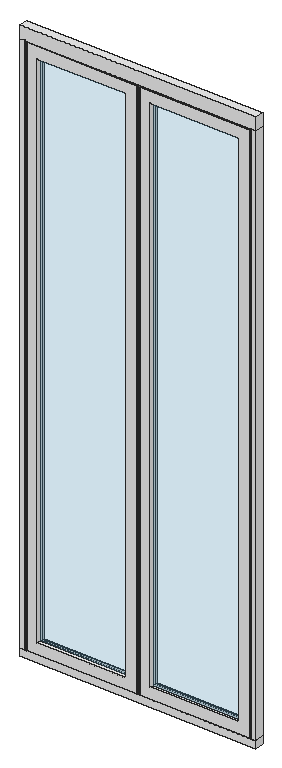
Revit family "98122", category Windows, host Wall, Revit 2018 (continued)
Definition of nested family "Header_SL-45"
  Definition of nested family "Header_Nana_Walls-S45"
    Lines and regions (in)
      model lines, in view "Ref. Level", visible <- "Half"
        curve 306: line (0.36221, -4.10236, 0) -> (0.36221, -4.11417, 0)
        curve 307: line (0.36221, -4.11417, 0) -> (0.34646, -4.11417, 0)
        curve 308: line (0.64961, -4.18898, 0) -> (0.64961, -4.05906, 0)
        curve 309: line (0.88583, -2.79528, 0) -> (0.88583, -4.17323, 0)
        curve 310: line (0.88583, -4.17323, 0) -> (0.83858, -4.17323, 0)
        curve 311: line (0.83858, -4.17323, 0) -> (0.83858, -4.18898, 0)
        curve 312: line (0.83858, -4.18898, 0) -> (0.68898, -4.18898, 0)
        curve 313: line (0.68898, -4.18898, 0) -> (0.68898, -4.10164, 0)
        curve 314: line (0.37469, -4.05034, 0) -> (0.33726, -4.09495, 0)
        curve 315: line (0.40158, -4.04331, 0) -> (0.38977, -4.04331, 0)
        curve 316: line (0.69128, -4.09607, 0) -> (0.70205, -4.0853, 0)
        curve 317: line (0.67649, -4.04792, 0) -> (0.70205, -4.07348, 0)
        curve 318: line (0.53937, -4.53543, 0) -> (0.53937, -4.90551, 0)
        curve 319: line (0.53937, -4.90551, 0) -> (0.83071, -4.90551, 0)
        curve 320: line (0.83071, -4.90551, 0) -> (0.83071, -4.23622, 0)
        curve 321: line (0.83071, -4.23622, 0) -> (0.69685, -4.23622, 0)
        curve 322: line (0.37402, -4.87402, 0) -> (0.37402, -4.96063, 0)
        curve 323: line (0.37402, -4.96063, 0) -> (0.88583, -4.96063, 0)
        curve 324: line (0.88583, -4.96063, 0) -> (0.88583, -4.17323, 0)
        curve 325: line (0.38583, -4.8622, 0) -> (0.41339, -4.8622, 0)
        curve 326: line (0.41339, -4.8622, 0) -> (0.41339, -4.90551, 0)
        curve 327: line (0.41339, -4.90551, 0) -> (0.49213, -4.90551, 0)
        curve 328: line (0.49213, -4.90551, 0) -> (0.49213, -4.53543, 0)
        curve 329: line (0.49213, -4.53543, 0) -> (0.41339, -4.53543, 0)
        curve 330: line (0.41339, -4.53543, 0) -> (0.41339, -4.58268, 0)
        curve 331: line (0.41339, -4.58268, 0) -> (0.38583, -4.58268, 0)
        curve 332: line (0.37402, -4.57087, 0) -> (0.37402, -4.25225, 0)
        curve 439: line (-0.30315, -3.23622, 0) -> (0.30315, -3.23622, 0)
        curve 440: line (-0.51181, -3.9685, 0) -> (-0.16535, -3.9685, 0)
        curve 441: line (-0.16535, -3.9685, 0) -> (-0.05329, -4.08057, 0)
        curve 442: line (-0.48031, -4.11417, 0) -> (-0.5315, -4.11417, 0)
        curve 443: line (-0.5315, -4.11417, 0) -> (-0.5315, -3.98819, 0)
        curve 444: line (-0.565, -4.1558, 0) -> (-0.58661, -3.9685, 0)
        curve 445: line (-0.58661, -3.9685, 0) -> (-0.8189, -3.9685, 0)
        curve 446: line (-0.8189, -3.9685, 0) -> (-0.8189, -4.49606, 0)
        curve 447: line (-0.8189, -4.49606, 0) -> (-0.74803, -4.49606, 0)
        curve 448: line (-0.38021, -2.79509, 0) -> (-0.39343, -2.84442, 0)
        curve 449: line (-0.68924, -2.84442, 0) -> (-0.70241, -2.79528, 0)
        curve 450: line (-0.14837, -3.90157, 0) -> (-0.80709, -3.90157, 0)
        curve 451: line (-0.80709, -3.90157, 0) -> (-0.80709, -3.23622, 0)
        curve 452: line (-0.80709, -3.23622, 0) -> (-0.68898, -3.23622, 0)
        curve 453: line (-0.68898, -3.23622, 0) -> (-0.68898, -3.20866, 0)
        curve 454: line (-0.33465, -2.98819, 0) -> (-0.79528, -2.98819, 0)
        curve 455: line (-0.72835, -3.16929, 0) -> (-0.81496, -3.16929, 0)
        curve 456: line (-0.81496, -3.16929, 0) -> (-0.81496, -3.05512, 0)
        curve 457: line (-0.81496, -3.05512, 0) -> (-0.32283, -3.05512, 0)
        curve 458: line (-0.32283, -3.05512, 0) -> (-0.32283, -3.21654, 0)
        curve 459: line (-0.81496, -2.9685, 0) -> (-0.81496, -2.85433, 0)
        curve 460: line (-0.81496, -2.85433, 0) -> (-0.69685, -2.85433, 0)
        curve 461: line (-0.38583, -2.85433, 0) -> (-0.31496, -2.85433, 0)
        curve 462: line (-0.31496, -2.85433, 0) -> (-0.31496, -2.9685, 0)
        curve 463: line (-0.25591, -2.81496, 0) -> (-0.25591, -3.14961, 0)
        curve 464: line (-0.88583, -2.79528, 0) -> (-0.88583, -4.96063, 0)
        curve 465: line (-0.88583, -4.96063, 0) -> (-0.70866, -4.96063, 0)
        curve 466: line (-0.70866, -4.96063, 0) -> (-0.70866, -4.8622, 0)
        curve 467: line (-0.70866, -4.8622, 0) -> (-0.74803, -4.8622, 0)
        curve 468: line (-0.74803, -4.8622, 0) -> (-0.74803, -4.90157, 0)
        curve 469: line (-0.74803, -4.90157, 0) -> (-0.82677, -4.90157, 0)
        curve 470: line (-0.82677, -4.90157, 0) -> (-0.82677, -4.54331, 0)
        curve 471: line (-0.82677, -4.54331, 0) -> (-0.74803, -4.54331, 0)
        curve 472: line (-0.74803, -4.54331, 0) -> (-0.74803, -4.58268, 0)
        curve 473: line (-0.74803, -4.58268, 0) -> (-0.70866, -4.58268, 0)
        curve 474: line (-0.70866, -4.58268, 0) -> (-0.70866, -4.53543, 0)
        curve 475: line (-0.54545, -4.17323, 0) -> (-0.48588, -4.17323, 0)
        curve 476: line (-0.48588, -4.17323, 0) -> (-0.47271, -4.12409, 0)
        curve 477: line (-0.06721, -4.11417, 0) -> (-0.1063, -4.11417, 0)
        curve 478: line (0.82677, -3.98819, 0) -> (0.82677, -4.11417, 0)
        curve 479: line (0.82677, -4.11417, 0) -> (0.69685, -4.11417, 0)
        curve 480: line (0.38583, -4.11417, 0) -> (0.32283, -4.11417, 0)
        curve 481: line (0.32283, -4.11417, 0) -> (0.32283, -3.98819, 0)
        curve 482: line (0.25197, -3.94094, 0) -> (0.25197, -4.10236, 0)
        curve 483: line (0.25197, -4.10236, 0) -> (0.06872, -4.10236, 0)
        curve 484: line (0.06872, -4.10236, 0) -> (-0.12053, -3.91311, 0)
        curve 485: line (0.68924, -2.84442, 0) -> (0.70241, -2.79528, 0)
        curve 486: line (0.38022, -2.79509, 0) -> (0.39343, -2.84442, 0)
        curve 487: line (0.68898, -3.20866, 0) -> (0.68898, -3.23622, 0)
        curve 488: line (0.68898, -3.23622, 0) -> (0.80709, -3.23622, 0)
        curve 489: line (0.80709, -3.23622, 0) -> (0.80709, -3.90157, 0)
        curve 490: line (0.80709, -3.90157, 0) -> (0.29134, -3.90157, 0)
        curve 491: line (0.34252, -3.9685, 0) -> (0.80709, -3.9685, 0)
        curve 492: line (0.33465, -2.98819, 0) -> (0.79528, -2.98819, 0)
        curve 493: line (0.72835, -3.16929, 0) -> (0.81496, -3.16929, 0)
        curve 494: line (0.81496, -3.16929, 0) -> (0.81496, -3.05512, 0)
        curve 495: line (0.81496, -3.05512, 0) -> (0.32283, -3.05512, 0)
        curve 496: line (0.32283, -3.05512, 0) -> (0.32283, -3.21654, 0)
        curve 497: line (0.25591, -2.81496, 0) -> (0.25591, -3.14961, 0)
        curve 498: line (0.23622, -3.16929, 0) -> (0.02046, -3.16929, 0)
        curve 499: line (0.02046, -3.16929, 0) -> (0, -3.1811, 0)
        curve 500: line (0, -3.1811, 0) -> (-0.02046, -3.16929, 0)
        curve 501: line (-0.02046, -3.16929, 0) -> (-0.23622, -3.16929, 0)
        curve 502: line (0.38583, -2.85433, 0) -> (0.31496, -2.85433, 0)
        curve 503: line (0.31496, -2.85433, 0) -> (0.31496, -2.9685, 0)
        curve 504: line (0.81496, -2.9685, 0) -> (0.81496, -2.85433, 0)
        curve 505: line (0.81496, -2.85433, 0) -> (0.69685, -2.85433, 0)
        curve 506: line (0.39343, -4.12409, 0) -> (0.38026, -4.17323, 0)
        curve 507: line (0.38026, -4.17323, 0) -> (0.03937, -4.17323, 0)
        curve 508: line (0.03937, -4.17323, 0) -> (0, -4.13386, 0)
        curve 509: line (0, -4.13386, 0) -> (-0.03937, -4.17323, 0)
        curve 510: line (-0.03937, -4.17323, 0) -> (-0.10074, -4.17323, 0)
        curve 511: line (-0.10074, -4.17323, 0) -> (-0.1139, -4.12409, 0)
        curve 512: line (0.68898, -4.12308, 0) -> (0.70241, -4.17323, 0)
Definition of nested family "Sill_SL-45"
  Parameters
    Width = 4' - 0"
    Sill = none
    Half = yes
    Assembly Code = ""
  Reference planes (in)
    plane 1 "Center (Front/Back)": y = 0
    plane 2: z = 0
    plane 3 "Center (Left/Right)": x = -7.30207
    plane 4 "Left": x = -31.30207
    plane 5 "Right": x = 16.69793
    plane 6 "Top": z = 0
  Forms (in)
    Sweep 1, solid, material <- "Sill"
      path origin (-67.09578, 180, 0) x (-1, 0, 0) y (0, -1, 0)
        loop
          line (-35.79371, 180) -> (-83.79371, 180)
      profile "Profile_Sill_SL-45 : Profile_Sill_SL-45" origin (-7.30207, 0, 0) x (0, 1, 0) y (0, 0, 1)
        loop
          line (0.88583, 0) -> (0.88583, 1.45669) -> (-0.88583, 1.45669) -> (-0.88583, 0) -> (0.88583, 0)
  Lines and regions (in)
    Masking region 1
      outline origin (0, 0, 0) x (1, 0, 0) y (0, 1, 0)
        loop
          line (-31.30207, 0.88583) -> (-31.30207, -0.88583) -> (16.69793, -0.88583) -> (16.69793, 0.88583) -> (-31.30207, 0.88583)
  Dimensions and locks (in)
    equal spacing: plane 4 "Left", plane 3 "Center (Left/Right)", plane 5 "Right"
    "Width": plane 4 "Left" to plane 5 "Right"
    aligned and locked: nested 1 to level
    aligned and locked: plane 1 "Center (Front/Back)" to nested 1
    aligned and locked: Masking region 1 sketch curve to plane 4 "Left"
    aligned and locked: Masking region 1 sketch curve to plane 5 "Right"
  Automatic sketch dimensions
    Sweep 1 sketch curve to plane 1 "Center (Front/Back)" = 0' - 0"
    Sweep 1 sketch curve to plane 5 "Right" = 0' - 0"
    Sweep 1 sketch curve to plane 4 "Left" = 0' - 0"
    Masking region 1 sketch curve to plane 1 "Center (Front/Back)" = 0' - 0.88583"
    plane 1 "Center (Front/Back)" to Masking region 1 sketch curve = 0' - 0.88583"
  Nested families (in)
    nested 1: "Sill-Nana_Walls-S45" at (-31.30207, 0, 0) x (0, -1, 0) z (-1, 0, 0), type "Sill-Nana_Walls-S45", detail levels fine
  Definition of nested family "Sill-Nana_Walls-S45"
    Parameters
      SmartBIM Object Version = 1  # constant formula
      SmartBIM Object Created By = "Reed Construction Data"  # constant formula
      Half = yes
      Assembly Code = ""
      95 CSI = ""
      04 CSI = ""
    Reference planes (in)
      plane 1 "Center (Front/Back)": y = 0
      plane 2: z = 0
      plane 3 "Center (Left/Right)": x = 0
    Lines and regions (in)
      model lines, in view "Ref. Level", visible <- "Half"
        curve 1: arc (0.00591, 1.62696, 0) -> (0, 1.68078, 0) -> (-0.00591, 1.62696, 0) r 0.02723
        curve 2: arc (0.00587, 1.6186, 0) -> (0.00001, 1.68898, 0) -> (-0.00589, 1.6186, 0) r 0.03543
        curve 3: circle (0, 1.65354, 0) r 0.05906 normal (0, 0, 1)
        curve 4: arc (-0.00588, 1.61461, 0) -> (-0.00002, 1.61417, 0) -> (0.00585, 1.61461, 0) r 0.03937
        curve 6: line (0.28543, 1.29921, 0) -> (0.28543, 0.66929, 0)
        curve 7: line (0.28543, 0.66929, 0) -> (-0.28543, 0.66929, 0)
        curve 8: line (-0.28543, 0.66929, 0) -> (-0.28543, 1.29921, 0)
        curve 9: line (-0.23622, 0.66929, 0) -> (-0.19685, 0.62992, 0)
        curve 10: line (-0.19685, 0.62992, 0) -> (0.19685, 0.62992, 0)
        curve 11: line (0.19685, 0.62992, 0) -> (0.23622, 0.66929, 0)
        curve 12: line (0.3937, 1.37795, 0) -> (-0.3937, 1.37795, 0)
        curve 13: line (-0.09382, 1.65354, 0) -> (0.08733, 1.65354, 0)
        curve 14: line (-0.0689, 1.75197, 0) -> (0.0689, 1.75197, 0)
        curve 15: line (0.3937, 1.29921, 0) -> (-0.3937, 1.29921, 0)
        curve 16: line (-0.3937, 1.29921, 0) -> (-0.3937, 1.45669, 0)
        curve 17: line (-0.3937, 1.45669, 0) -> (-0.25591, 1.45669, 0)
        curve 18: line (-0.25591, 1.45669, 0) -> (-0.25591, 1.81102, 0)
        curve 19: line (-0.25591, 1.81102, 0) -> (-0.0689, 1.81102, 0)
        curve 20: line (-0.0689, 1.81102, 0) -> (-0.0689, 1.49606, 0)
        curve 21: line (-0.0689, 1.49606, 0) -> (0.0689, 1.49606, 0)
        curve 22: line (0.0689, 1.49606, 0) -> (0.0689, 1.81102, 0)
        curve 23: line (0.0689, 1.81102, 0) -> (0.25591, 1.81102, 0)
        curve 24: line (-0.15748, 1.81102, 0) -> (-0.15748, 1.83071, 0)
        curve 25: line (-0.12795, 1.81102, 0) -> (-0.12795, 1.83071, 0)
        curve 26: line (0.25591, 1.81102, 0) -> (0.25591, 1.45669, 0)
        curve 27: line (0.25591, 1.45669, 0) -> (0.3937, 1.45669, 0)
        curve 28: line (0.3937, 1.45669, 0) -> (0.3937, 1.29921, 0)
        curve 29: line (0.00591, 1.62696, 0) -> (0.00575, 1.59474, 0)
        curve 30: line (0.00575, 1.59474, 0) -> (-0.00584, 1.59474, 0)
        curve 31: line (-0.00584, 1.59474, 0) -> (-0.00591, 1.62696, 0)
        curve 32: line (0.12795, 1.81102, 0) -> (0.12795, 1.83071, 0)
        curve 33: line (0.15748, 1.81102, 0) -> (0.15748, 1.83071, 0)
        curve 34: arc (0.23763, 3.12385, 0) -> (0.25246, 3.09338, 0) -> (0.28249, 3.1091, 0) r 0.02362
        curve 35: arc (0.30969, 3.32317, 0) -> (0.30337, 3.373, 0) -> (0.25925, 3.39701, 0) r 0.05512
        curve 36: arc (0.25925, 3.44424, 0) -> (0.23622, 3.42063, 0) -> (0.25925, 3.39701, 0) r 0.02362
        curve 37: arc (0.25925, 3.44424, 0) -> (0.33888, 3.50499, 0) -> (0.30609, 3.59963, 0) r 0.08543
        curve 38: arc (0.27781, 3.70189, 0) -> (0.23892, 3.68056, 0) -> (0.25133, 3.63797, 0) r 0.03543
        curve 39: arc (-0.65062, 3.47815, 0) -> (-0.6138, 3.47974, 0) -> (-0.5779, 3.48802, 0) r 0.20101
        curve 40: arc (-0.59882, 3.68846, 0) -> (-0.65385, 3.66895, 0) -> (-0.70207, 3.63603, 0) r 0.22677
        curve 41: arc (-0.65062, 3.47815, 0) -> (-0.66515, 3.47274, 0) -> (-0.67126, 3.45849, 0) r 0.01969
        curve 42: arc (-0.75655, 3.40748, 0) -> (-0.76545, 3.44384, 0) -> (-0.79013, 3.47198, 0) r 0.07874
        curve 43: arc (-0.70079, 3.2126, 0) -> (-0.67929, 3.22204, 0) -> (-0.67126, 3.24409, 0) r 0.02987
        curve 44: arc (-0.79013, 3.30361, 0) -> (-0.76545, 3.33175, 0) -> (-0.75655, 3.36811, 0) r 0.07874
        curve 45: arc (-0.79968, 3.29692, 0) -> (-0.808, 3.28251, 0) -> (-0.80231, 3.26688, 0) r 0.01969
        curve 46: arc (-0.80231, 3.50871, 0) -> (-0.808, 3.49308, 0) -> (-0.79968, 3.47867, 0) r 0.01969
        curve 47: arc (-0.70207, 3.63603, 0) -> (-0.70679, 3.62971, 0) -> (-0.70865, 3.62205, 0) r 0.01969
        curve 48: arc (-0.55118, 3.64997, 0) -> (-0.56581, 3.68059, 0) -> (-0.59882, 3.68846, 0) r 0.03937
        curve 49: arc (-0.5779, 3.48802, 0) -> (-0.55855, 3.50237, 0) -> (-0.55118, 3.5253, 0) r 0.03937
        curve 50: line (0.27781, 3.70189, 0) -> (0.42126, 3.6766, 0)
        curve 51: line (0.42126, 3.6766, 0) -> (0.45276, 3.62205, 0)
        curve 52: line (0.45276, 3.62205, 0) -> (0.37402, 3.62205, 0)
        curve 53: line (0.37402, 3.62205, 0) -> (0.37402, 3.52362, 0)
        curve 54: line (0.30609, 3.59963, 0) -> (0.25133, 3.63797, 0)
        curve 55: line (0.37402, 3.52362, 0) -> (0.40551, 3.52362, 0)
        curve 56: line (0.40551, 3.52362, 0) -> (0.28249, 3.1091, 0)
        curve 57: line (0.23763, 3.12385, 0) -> (0.30969, 3.32317, 0)
        curve 58: line (-0.80231, 3.26688, 0) -> (-0.74803, 3.2126, 0)
        curve 59: line (-0.74803, 3.2126, 0) -> (-0.74803, 3.24409, 0)
        curve 60: line (-0.74803, 3.24409, 0) -> (-0.70866, 3.24409, 0)
        curve 61: line (-0.70866, 3.24409, 0) -> (-0.70866, 3.2126, 0)
        curve 62: line (-0.70866, 3.2126, 0) -> (-0.70079, 3.2126, 0)
        curve 63: line (-0.79013, 3.30361, 0) -> (-0.79968, 3.29692, 0)
        curve 64: line (-0.75655, 3.40748, 0) -> (-0.75655, 3.36811, 0)
        curve 65: line (-0.67126, 3.24409, 0) -> (-0.67126, 3.45849, 0)
        curve 66: line (-0.70866, 3.62205, 0) -> (-0.70866, 3.52362, 0)
        curve 67: line (-0.70866, 3.52362, 0) -> (-0.74803, 3.52362, 0)
        curve 68: line (-0.74803, 3.52362, 0) -> (-0.74803, 3.56299, 0)
        curve 69: line (-0.74803, 3.56299, 0) -> (-0.80231, 3.50871, 0)
        curve 70: line (-0.79968, 3.47867, 0) -> (-0.79013, 3.47198, 0)
        curve 71: line (-0.55118, 3.64997, 0) -> (-0.55118, 3.5253, 0)
        curve 72: line (0.49013, 1.55118, 0) -> (0.47753, 1.13426, 0)
        curve 73: line (0.52163, 1.55118, 0) -> (0.50767, 1.08558, 0)
        curve 74: line (0.54131, 1.55118, 0) -> (0.54131, 1.07656, 0)
        curve 75: line (0.561, 1.55118, 0) -> (0.57578, 1.05918, 0)
        curve 76: line (0.59249, 1.55118, 0) -> (0.6074, 1.05071, 0)
        curve 77: line (0.624, 1.55118, 0) -> (0.63891, 1.05041, 0)
        curve 78: line (0.45862, 1.55118, 0) -> (0.44696, 1.16545, 0)
        curve 79: line (0.39368, 1.55118, 0) -> (0.42123, 1.55118, 0)
        curve 80: line (0.42123, 1.55118, 0) -> (0.68895, 1.55118, 0)
        curve 81: line (0.68895, 1.55118, 0) -> (0.68895, 1.60236, 0)
        curve 82: line (0.68895, 1.60236, 0) -> (0.39368, 1.60236, 0)
        curve 83: line (0.39368, 1.60236, 0) -> (0.39368, 1.55118, 0)
        curve 84: line (-0.49013, 1.55118, 0) -> (-0.47753, 1.13426, 0)
        curve 85: line (-0.52163, 1.55118, 0) -> (-0.50767, 1.08558, 0)
        curve 86: line (-0.54131, 1.55118, 0) -> (-0.54131, 1.07656, 0)
        curve 87: line (-0.561, 1.55118, 0) -> (-0.57578, 1.05918, 0)
        curve 88: line (-0.59249, 1.55118, 0) -> (-0.6074, 1.05071, 0)
        curve 89: line (-0.624, 1.55118, 0) -> (-0.63891, 1.05041, 0)
        curve 90: line (-0.45862, 1.55118, 0) -> (-0.44696, 1.16545, 0)
        curve 91: line (-0.39368, 1.55118, 0) -> (-0.42123, 1.55118, 0)
        curve 92: line (-0.42123, 1.55118, 0) -> (-0.68895, 1.55118, 0)
        curve 93: line (-0.68895, 1.55118, 0) -> (-0.68895, 1.60236, 0)
        curve 94: line (-0.68895, 1.60236, 0) -> (-0.39368, 1.60236, 0)
        curve 95: line (-0.39368, 1.60236, 0) -> (-0.39368, 1.55118, 0)
        curve 96: arc (0.37469, 2.71176, 0) -> (0.38145, 2.70657, 0) -> (0.38977, 2.70472, 0) r 0.01969
        curve 97: arc (0.34646, 2.77559, 0) -> (0.3358, 2.76888, 0) -> (0.33726, 2.75637, 0) r 0.01181
        curve 98: arc (0.40157, 2.70472, 0) -> (0.41549, 2.71049, 0) -> (0.42126, 2.72441, 0) r 0.01969
        curve 99: arc (0.64961, 2.72047, 0) -> (0.65933, 2.70592, 0) -> (0.67649, 2.70934, 0) r 0.01575
        curve 100: arc (0.70205, 2.7349, 0) -> (0.70472, 2.74081, 0) -> (0.70205, 2.74672, 0) r 0.00787
        curve 101: arc (0.36825, 2.89975, 0) -> (0.37252, 2.90613, 0) -> (0.37402, 2.91367, 0) r 0.01969
        curve 102: arc (0.36403, 2.89553, 0) -> (0.35977, 2.88914, 0) -> (0.35827, 2.88161, 0) r 0.01969
        curve 103: arc (0.38583, 3.24409, 0) -> (0.37748, 3.24064, 0) -> (0.37402, 3.23228, 0) r 0.01181
        curve 104: arc (0.49213, 3.14961, 0) -> (0.52553, 3.16344, 0) -> (0.53937, 3.19685, 0) r 0.04724
        curve 105: arc (0.69685, 2.89764, 0) -> (0.66344, 2.8838, 0) -> (0.64961, 2.85039, 0) r 0.04724
        curve 106: arc (0.37402, 3.53543, 0) -> (0.37748, 3.52708, 0) -> (0.38583, 3.52362, 0) r 0.01181
        curve 107: arc (0.71848, 1.51575, 0) -> (0.7324, 1.52151, 0) -> (0.73816, 1.53543, 0) r 0.01969
        curve 108: arc (0.6299, 1.48819, 0) -> (0.64143, 1.46035, 0) -> (0.66927, 1.44882, 0) r 0.03937
        curve 109: arc (0.66139, 1.55118, 0) -> (0.63912, 1.54196, 0) -> (0.6299, 1.51969, 0) r 0.0315
        curve 110: arc (0.73816, 1.61811, 0) -> (0.7324, 1.63203, 0) -> (0.71848, 1.6378, 0) r 0.01969
        curve 111: arc (0.34446, 1.53543, 0) -> (0.35023, 1.52151, 0) -> (0.36415, 1.51575, 0) r 0.01969
        curve 112: arc (0.41336, 1.44882, 0) -> (0.4412, 1.46035, 0) -> (0.45273, 1.48819, 0) r 0.03937
        curve 113: arc (0.45273, 1.51969, 0) -> (0.44351, 1.54196, 0) -> (0.42123, 1.55118, 0) r 0.0315
        curve 114: arc (0.36415, 1.6378, 0) -> (0.35023, 1.63203, 0) -> (0.34446, 1.61811, 0) r 0.01969
        curve 115: arc (-0.73816, 1.53543, 0) -> (-0.7324, 1.52151, 0) -> (-0.71848, 1.51575, 0) r 0.01969
        curve 116: arc (-0.66927, 1.44882, 0) -> (-0.64143, 1.46035, 0) -> (-0.6299, 1.48819, 0) r 0.03937
        curve 117: arc (-0.6299, 1.51969, 0) -> (-0.63912, 1.54196, 0) -> (-0.66139, 1.55118, 0) r 0.0315
        curve 118: arc (-0.71848, 1.6378, 0) -> (-0.7324, 1.63203, 0) -> (-0.73816, 1.61811, 0) r 0.01969
        curve 119: arc (-0.36415, 1.51575, 0) -> (-0.35023, 1.52151, 0) -> (-0.34446, 1.53543, 0) r 0.01969
        curve 120: arc (-0.45273, 1.48819, 0) -> (-0.4412, 1.46035, 0) -> (-0.41336, 1.44882, 0) r 0.03937
        curve 121: arc (-0.42123, 1.55118, 0) -> (-0.44351, 1.54196, 0) -> (-0.45273, 1.51969, 0) r 0.0315
        curve 122: arc (-0.34446, 1.61811, 0) -> (-0.35023, 1.63203, 0) -> (-0.36415, 1.6378, 0) r 0.01969
        curve 189: arc (-0.27559, 1.45669, 0) -> (-0.26167, 1.46246, 0) -> (-0.25591, 1.47638, 0) r 0.01969
        curve 190: arc (-0.70241, 1.45669, 0) -> (-0.79412, 1.4626, 0) -> (-0.88583, 1.45669, 0) r 0.71502
        curve 191: arc (-0.27777, 1.45669, 0) -> (-0.32902, 1.4626, 0) -> (-0.38026, 1.45669, 0) r 0.22532
        curve 192: arc (-0.79528, 1.64961, 0) -> (-0.8092, 1.64384, 0) -> (-0.81496, 1.62992, 0) r 0.01969
        curve 193: arc (-0.68924, 1.50584, 0) -> (-0.6906, 1.51267, 0) -> (-0.69685, 1.51575, 0) r 0.00787
        curve 194: arc (-0.72835, 1.83071, 0) -> (-0.70051, 1.84224, 0) -> (-0.68898, 1.87008, 0) r 0.03937
        curve 195: arc (-0.30315, 1.89764, 0) -> (-0.31707, 1.89187, 0) -> (-0.32283, 1.87795, 0) r 0.01969
        curve 196: arc (-0.31496, 1.62992, 0) -> (-0.32073, 1.64384, 0) -> (-0.33465, 1.64961, 0) r 0.01969
        curve 197: arc (-0.38583, 1.51575, 0) -> (-0.39207, 1.51267, 0) -> (-0.39343, 1.50584, 0) r 0.00787
        curve 198: arc (-0.23622, 1.83071, 0) -> (-0.25014, 1.82494, 0) -> (-0.25591, 1.81102, 0) r 0.01969
        curve 199: arc (-0.5315, 2.64961, 0) -> (-0.52573, 2.63569, 0) -> (-0.51181, 2.62992, 0) r 0.01969
        curve 200: arc (-0.14837, 2.56299, 0) -> (-0.1333, 2.56599, 0) -> (-0.12053, 2.57452, 0) r 0.03937
        curve 201: arc (-0.74803, 3.15748, 0) -> (-0.72019, 3.16901, 0) -> (-0.70866, 3.19685, 0) r 0.03937
        curve 202: arc (-0.48031, 2.77559, 0) -> (-0.47407, 2.77867, 0) -> (-0.47271, 2.7855, 0) r 0.00787
        curve 203: arc (-0.54545, 2.83465, 0) -> (-0.55855, 2.82966, 0) -> (-0.565, 2.81722, 0) r 0.01969
        curve 204: arc (-0.1139, 2.7855, 0) -> (-0.11255, 2.77867, 0) -> (-0.1063, 2.77559, 0) r 0.00787
        curve 205: arc (-0.05329, 2.74199, 0) -> (-0.04902, 2.76344, 0) -> (-0.06721, 2.77559, 0) r 0.01969
        curve 206: arc (0.25591, 1.47638, 0) -> (0.26167, 1.46246, 0) -> (0.27559, 1.45669, 0) r 0.01969
        curve 207: arc (0.38026, 1.45669, 0) -> (0.32902, 1.4626, 0) -> (0.27777, 1.45669, 0) r 0.22532
        curve 208: arc (0.88583, 1.45669, 0) -> (0.79412, 1.4626, 0) -> (0.70241, 1.45669, 0) r 0.71502
        curve 209: arc (0.25591, 1.81102, 0) -> (0.25014, 1.82494, 0) -> (0.23622, 1.83071, 0) r 0.01969
        curve 210: arc (0.39343, 1.50584, 0) -> (0.39207, 1.51267, 0) -> (0.38583, 1.51575, 0) r 0.00787
        curve 211: arc (0.33465, 1.64961, 0) -> (0.32073, 1.64384, 0) -> (0.31496, 1.62992, 0) r 0.01969
        curve 212: arc (0.32283, 1.87795, 0) -> (0.31707, 1.89187, 0) -> (0.30315, 1.89764, 0) r 0.01969
        curve 213: arc (0.25197, 2.60236, 0) -> (0.2635, 2.57452, 0) -> (0.29134, 2.56299, 0) r 0.03937
        curve 214: arc (0.32283, 2.64961, 0) -> (0.3286, 2.63569, 0) -> (0.34252, 2.62992, 0) r 0.01969
        curve 215: arc (0.69685, 1.51575, 0) -> (0.6906, 1.51267, 0) -> (0.68924, 1.50584, 0) r 0.00787
        curve 216: arc (0.81496, 1.62992, 0) -> (0.8092, 1.64384, 0) -> (0.79528, 1.64961, 0) r 0.01969
        curve 217: arc (0.68898, 1.87008, 0) -> (0.70051, 1.84224, 0) -> (0.72835, 1.83071, 0) r 0.03937
        curve 218: arc (0.80709, 2.62992, 0) -> (0.82101, 2.63569, 0) -> (0.82677, 2.64961, 0) r 0.01969
        curve 219: arc (0.38583, 2.77559, 0) -> (0.39207, 2.77867, 0) -> (0.39343, 2.7855, 0) r 0.00787
        curve 220: arc (0.70241, 2.83465, 0) -> (0.79412, 2.82874, 0) -> (0.88583, 2.83465, 0) r 0.71502
        curve 221: arc (0.68898, 2.78346, 0) -> (0.69128, 2.7779, 0) -> (0.69685, 2.77559, 0) r 0.00787
        curve 222: line (0.49213, 3.14961, 0) -> (0.42126, 3.14961, 0)
        curve 223: line (0.42126, 3.14961, 0) -> (0.42126, 2.72441, 0)
        curve 224: line (0.35827, 2.88161, 0) -> (0.35827, 2.85039, 0)
        curve 225: line (0.35827, 2.85039, 0) -> (0.38189, 2.85039, 0)
        curve 226: line (0.38189, 2.85039, 0) -> (0.38189, 2.76378, 0)
        curve 227: line (0.38189, 2.76378, 0) -> (0.3622, 2.76378, 0)
        curve 228: line (0.3622, 2.76378, 0) -> (0.3622, 2.77559, 0)
        curve 229: line (0.3622, 2.77559, 0) -> (0.34646, 2.77559, 0)
        curve 230: line (0.64961, 2.85039, 0) -> (0.64961, 2.72047, 0)
        curve 231: line (0.88583, 1.45669, 0) -> (0.88583, 2.83465, 0)
        curve 232: line (0.88583, 2.83465, 0) -> (0.83858, 2.83465, 0)
        curve 233: line (0.83858, 2.83465, 0) -> (0.83858, 2.85039, 0)
        curve 234: line (0.83858, 2.85039, 0) -> (0.68898, 2.85039, 0)
        curve 235: line (0.68898, 2.85039, 0) -> (0.68898, 2.76306, 0)
        curve 236: line (0.37469, 2.71176, 0) -> (0.33726, 2.75637, 0)
        curve 237: line (0.40157, 2.70472, 0) -> (0.38977, 2.70472, 0)
        curve 238: line (0.69128, 2.75749, 0) -> (0.70205, 2.74672, 0)
        curve 239: line (0.67649, 2.70934, 0) -> (0.70205, 2.7349, 0)
        curve 240: line (0.53937, 3.19685, 0) -> (0.53937, 3.56693, 0)
        curve 241: line (0.53937, 3.56693, 0) -> (0.83071, 3.56693, 0)
        curve 242: line (0.83071, 3.56693, 0) -> (0.83071, 2.89764, 0)
        curve 243: line (0.83071, 2.89764, 0) -> (0.69685, 2.89764, 0)
        curve 244: line (0.37402, 3.53543, 0) -> (0.37402, 3.62205, 0)
        curve 245: line (0.37402, 3.62205, 0) -> (0.88583, 3.62205, 0)
        curve 246: line (0.88583, 3.62205, 0) -> (0.88583, 2.83465, 0)
        curve 247: line (0.38583, 3.52362, 0) -> (0.41339, 3.52362, 0)
        curve 248: line (0.41339, 3.52362, 0) -> (0.41339, 3.56693, 0)
        curve 249: line (0.41339, 3.56693, 0) -> (0.49213, 3.56693, 0)
        curve 250: line (0.49213, 3.56693, 0) -> (0.49213, 3.19685, 0)
        curve 251: line (0.49213, 3.19685, 0) -> (0.41339, 3.19685, 0)
        curve 252: line (0.41339, 3.19685, 0) -> (0.41339, 3.24409, 0)
        curve 253: line (0.41339, 3.24409, 0) -> (0.38583, 3.24409, 0)
        curve 254: line (0.37402, 3.23228, 0) -> (0.37402, 2.91367, 0)
        curve 255: line (0.71848, 1.6378, 0) -> (0.36415, 1.6378, 0)
        curve 256: line (0.42123, 1.55118, 0) -> (0.39368, 1.55118, 0)
        curve 257: line (0.39368, 1.55118, 0) -> (0.39368, 1.60236, 0)
        curve 258: line (0.39368, 1.60236, 0) -> (0.68895, 1.60236, 0)
        curve 259: line (0.68895, 1.60236, 0) -> (0.68895, 1.55118, 0)
        curve 260: line (0.68895, 1.55118, 0) -> (0.66139, 1.55118, 0)
        curve 261: line (0.73816, 1.61811, 0) -> (0.73816, 1.53543, 0)
        curve 262: line (0.71848, 1.51575, 0) -> (0.67911, 1.51575, 0)
        curve 263: line (0.67911, 1.51575, 0) -> (0.69704, 1.44882, 0)
        curve 264: line (0.69704, 1.44882, 0) -> (0.66927, 1.44882, 0)
        curve 265: line (0.6299, 1.51969, 0) -> (0.6299, 1.48819, 0)
        curve 266: line (0.34446, 1.53543, 0) -> (0.34446, 1.61811, 0)
        curve 267: line (0.41336, 1.44882, 0) -> (0.38558, 1.44882, 0)
        curve 268: line (0.38558, 1.44882, 0) -> (0.40352, 1.51575, 0)
        curve 269: line (0.40352, 1.51575, 0) -> (0.36415, 1.51575, 0)
        curve 270: line (0.45273, 1.48819, 0) -> (0.45273, 1.51969, 0)
        curve 271: line (-0.71848, 1.6378, 0) -> (-0.36415, 1.6378, 0)
        curve 272: line (-0.42123, 1.55118, 0) -> (-0.39368, 1.55118, 0)
        curve 273: line (-0.39368, 1.55118, 0) -> (-0.39368, 1.60236, 0)
        curve 274: line (-0.39368, 1.60236, 0) -> (-0.68895, 1.60236, 0)
        curve 275: line (-0.68895, 1.60236, 0) -> (-0.68895, 1.55118, 0)
        curve 276: line (-0.68895, 1.55118, 0) -> (-0.66139, 1.55118, 0)
        curve 277: line (-0.73816, 1.61811, 0) -> (-0.73816, 1.53543, 0)
        curve 278: line (-0.71848, 1.51575, 0) -> (-0.67911, 1.51575, 0)
        curve 279: line (-0.67911, 1.51575, 0) -> (-0.69704, 1.44882, 0)
        curve 280: line (-0.69704, 1.44882, 0) -> (-0.66927, 1.44882, 0)
        curve 281: line (-0.6299, 1.51969, 0) -> (-0.6299, 1.48819, 0)
        curve 282: line (-0.34446, 1.53543, 0) -> (-0.34446, 1.61811, 0)
        curve 283: line (-0.41336, 1.44882, 0) -> (-0.38558, 1.44882, 0)
        curve 284: line (-0.38558, 1.44882, 0) -> (-0.40352, 1.51575, 0)
        curve 285: line (-0.40352, 1.51575, 0) -> (-0.36415, 1.51575, 0)
        curve 286: line (-0.45273, 1.48819, 0) -> (-0.45273, 1.51969, 0)
        curve 368: line (-0.30315, 1.89764, 0) -> (0.30315, 1.89764, 0)
        curve 369: line (-0.51181, 2.62992, 0) -> (-0.16535, 2.62992, 0)
        curve 370: line (-0.16535, 2.62992, 0) -> (-0.05329, 2.74199, 0)
        curve 371: line (-0.48031, 2.77559, 0) -> (-0.5315, 2.77559, 0)
        curve 372: line (-0.5315, 2.77559, 0) -> (-0.5315, 2.64961, 0)
        curve 373: line (-0.565, 2.81722, 0) -> (-0.58661, 2.62992, 0)
        curve 374: line (-0.58661, 2.62992, 0) -> (-0.8189, 2.62992, 0)
        curve 375: line (-0.8189, 2.62992, 0) -> (-0.8189, 3.15748, 0)
        curve 376: line (-0.8189, 3.15748, 0) -> (-0.74803, 3.15748, 0)
        curve 377: line (-0.38026, 1.45669, 0) -> (-0.39343, 1.50584, 0)
        curve 378: line (-0.68924, 1.50584, 0) -> (-0.70241, 1.45669, 0)
        curve 379: line (-0.14837, 2.56299, 0) -> (-0.80709, 2.56299, 0)
        curve 380: line (-0.80709, 2.56299, 0) -> (-0.80709, 1.89764, 0)
        curve 381: line (-0.80709, 1.89764, 0) -> (-0.68898, 1.89764, 0)
        curve 382: line (-0.68898, 1.89764, 0) -> (-0.68898, 1.87008, 0)
        curve 383: line (-0.33465, 1.64961, 0) -> (-0.79528, 1.64961, 0)
        curve 384: line (-0.72835, 1.83071, 0) -> (-0.81496, 1.83071, 0)
        curve 385: line (-0.81496, 1.83071, 0) -> (-0.81496, 1.71654, 0)
        curve 386: line (-0.81496, 1.71654, 0) -> (-0.32283, 1.71654, 0)
        curve 387: line (-0.32283, 1.71654, 0) -> (-0.32283, 1.87795, 0)
        curve 388: line (-0.81496, 1.62992, 0) -> (-0.81496, 1.51575, 0)
        curve 389: line (-0.81496, 1.51575, 0) -> (-0.69685, 1.51575, 0)
        curve 390: line (-0.38583, 1.51575, 0) -> (-0.31496, 1.51575, 0)
        curve 391: line (-0.31496, 1.51575, 0) -> (-0.31496, 1.62992, 0)
        curve 392: line (-0.25591, 1.47638, 0) -> (-0.25591, 1.81102, 0)
        curve 393: line (-0.88583, 1.45669, 0) -> (-0.88583, 3.62205, 0)
        curve 394: line (-0.88583, 3.62205, 0) -> (-0.70866, 3.62205, 0)
        curve 395: line (-0.70866, 3.62205, 0) -> (-0.70866, 3.52362, 0)
        curve 396: line (-0.70866, 3.52362, 0) -> (-0.74803, 3.52362, 0)
        curve 397: line (-0.74803, 3.52362, 0) -> (-0.74803, 3.56299, 0)
        curve 398: line (-0.74803, 3.56299, 0) -> (-0.82677, 3.56299, 0)
        curve 399: line (-0.82677, 3.56299, 0) -> (-0.82677, 3.20472, 0)
        curve 400: line (-0.82677, 3.20472, 0) -> (-0.74803, 3.20472, 0)
        curve 401: line (-0.74803, 3.20472, 0) -> (-0.74803, 3.24409, 0)
        curve 402: line (-0.74803, 3.24409, 0) -> (-0.70866, 3.24409, 0)
        curve 403: line (-0.70866, 3.24409, 0) -> (-0.70866, 3.19685, 0)
        curve 404: line (-0.54545, 2.83465, 0) -> (-0.48588, 2.83465, 0)
        curve 405: line (-0.48588, 2.83465, 0) -> (-0.47271, 2.7855, 0)
        curve 406: line (-0.06721, 2.77559, 0) -> (-0.1063, 2.77559, 0)
        curve 407: line (0.82677, 2.64961, 0) -> (0.82677, 2.77559, 0)
        curve 408: line (0.82677, 2.77559, 0) -> (0.69685, 2.77559, 0)
        curve 409: line (0.38583, 2.77559, 0) -> (0.32283, 2.77559, 0)
        curve 410: line (0.32283, 2.77559, 0) -> (0.32283, 2.64961, 0)
        curve 411: line (0.25197, 2.60236, 0) -> (0.25197, 2.76378, 0)
        curve 412: line (0.25197, 2.76378, 0) -> (0.06872, 2.76378, 0)
        curve 413: line (0.06872, 2.76378, 0) -> (-0.12053, 2.57452, 0)
        curve 414: line (0.68924, 1.50584, 0) -> (0.70241, 1.45669, 0)
        curve 415: line (0.38026, 1.45669, 0) -> (0.39343, 1.50584, 0)
        curve 416: line (0.68898, 1.87008, 0) -> (0.68898, 1.89764, 0)
        curve 417: line (0.68898, 1.89764, 0) -> (0.80709, 1.89764, 0)
        curve 418: line (0.80709, 1.89764, 0) -> (0.80709, 2.56299, 0)
        curve 419: line (0.80709, 2.56299, 0) -> (0.29134, 2.56299, 0)
        curve 420: line (0.34252, 2.62992, 0) -> (0.80709, 2.62992, 0)
        curve 421: line (0.33465, 1.64961, 0) -> (0.79528, 1.64961, 0)
        curve 422: line (0.72835, 1.83071, 0) -> (0.81496, 1.83071, 0)
        curve 423: line (0.81496, 1.83071, 0) -> (0.81496, 1.71654, 0)
        curve 424: line (0.81496, 1.71654, 0) -> (0.32283, 1.71654, 0)
        curve 425: line (0.32283, 1.71654, 0) -> (0.32283, 1.87795, 0)
        curve 426: line (0.25591, 1.47638, 0) -> (0.25591, 1.81102, 0)
        curve 427: line (0.23622, 1.83071, 0) -> (0.02046, 1.83071, 0)
        curve 428: line (0.02046, 1.83071, 0) -> (0, 1.84252, 0)
        curve 429: line (0, 1.84252, 0) -> (-0.02046, 1.83071, 0)
        curve 430: line (-0.02046, 1.83071, 0) -> (-0.23622, 1.83071, 0)
        curve 431: line (0.38583, 1.51575, 0) -> (0.31496, 1.51575, 0)
        curve 432: line (0.31496, 1.51575, 0) -> (0.31496, 1.62992, 0)
        curve 433: line (0.81496, 1.62992, 0) -> (0.81496, 1.51575, 0)
        curve 434: line (0.81496, 1.51575, 0) -> (0.69685, 1.51575, 0)
        curve 435: line (0.39343, 2.7855, 0) -> (0.38026, 2.83465, 0)
        curve 436: line (0.38026, 2.83465, 0) -> (0.03937, 2.83465, 0)
        curve 437: line (0.03937, 2.83465, 0) -> (0, 2.79528, 0)
        curve 438: line (0, 2.79528, 0) -> (-0.03937, 2.83465, 0)
        curve 439: line (-0.03937, 2.83465, 0) -> (-0.10074, 2.83465, 0)
        curve 440: line (-0.10074, 2.83465, 0) -> (-0.1139, 2.7855, 0)
        curve 441: line (0.68898, 2.7845, 0) -> (0.70241, 2.83465, 0)
      model lines, in view "Ref. Level"
        curve 5: line (0, 0.59472, 0) -> (0, 1.92328, 0)
        curve 123: arc (-0.81496, 0.35618, 0) -> (-0.80864, 0.34173, 0) -> (-0.79373, 0.33656, 0) r 0.01969
        curve 124: arc (-0.79682, 0.25733, 0) -> (-0.80973, 0.25107, 0) -> (-0.81496, 0.23771, 0) r 0.01969
        curve 125: arc (-0.16929, 0.24284, 0) -> (-0.18826, 0.2862, 0) -> (-0.23298, 0.30171, 0) r 0.05906
        curve 126: arc (0.22371, 0.33765, 0) -> (0.18498, 0.31886, 0) -> (0.16929, 0.27878, 0) r 0.05906
        curve 127: arc (0.81496, 0.36289, 0) -> (0.80864, 0.37734, 0) -> (0.79373, 0.38251, 0) r 0.01969
        curve 128: arc (0.79682, 0.46174, 0) -> (0.80973, 0.468, 0) -> (0.81496, 0.48136, 0) r 0.01969
        curve 129: arc (-0.66756, 0.7846, 0) -> (-0.63411, 0.7714, 0) -> (-0.60388, 0.79089, 0) r 0.03937
        curve 130: arc (-0.70471, 0.92961, 0) -> (-0.70349, 0.85266, 0) -> (-0.66756, 0.7846, 0) r 0.16535
        curve 131: arc (-0.84206, 0.99598, 0) -> (-0.87362, 0.97489, 0) -> (-0.88583, 0.93894, 0) r 0.05906
        curve 132: arc (-0.70471, 0.92961, 0) -> (-0.71031, 0.9481, 0) -> (-0.72902, 0.9529, 0) r 0.01969
        curve 133: arc (-0.80037, 0.93378, 0) -> (-0.81089, 0.92675, 0) -> (-0.81496, 0.91477, 0) r 0.01969
        curve 134: arc (-0.3937, 1.1811, 0) -> (-0.46073, 1.15475, 0) -> (-0.49187, 1.08981, 0) r 0.09843
        curve 135: arc (-0.29528, 1.08268, 0) -> (-0.3241, 1.15227, 0) -> (-0.3937, 1.1811, 0) r 0.09843
        curve 136: arc (-0.33465, 1.00394, 0) -> (-0.32888, 0.99002, 0) -> (-0.31496, 0.98425, 0) r 0.01969
        curve 137: arc (-0.33465, 1.04515, 0) -> (-0.34235, 1.06077, 0) -> (-0.35943, 1.06416, 0) r 0.01969
        curve 138: arc (-0.33465, 0.75152, 0) -> (-0.34041, 0.76544, 0) -> (-0.35433, 0.77121, 0) r 0.01969
        curve 139: arc (-0.33465, 0.68898, 0) -> (-0.32888, 0.67506, 0) -> (-0.31496, 0.66929, 0) r 0.01969
        curve 140: arc (-0.29528, 0.79089, 0) -> (-0.31257, 0.83265, 0) -> (-0.35433, 0.84995, 0) r 0.05906
        curve 141: arc (-0.46201, 0.84555, 0) -> (-0.44882, 0.8937, 0) -> (-0.46201, 0.94185, 0) r 0.09449
        curve 142: arc (-0.6246, 0.94185, 0) -> (-0.6378, 0.8937, 0) -> (-0.6246, 0.84555, 0) r 0.09449
        curve 143: arc (-0.37936, 0.87219, 0) -> (-0.38757, 0.94927, 0) -> (-0.43001, 1.01414, 0) r 0.16535
        curve 144: arc (-0.4932, 0.84359, 0) -> (-0.50007, 0.82837, 0) -> (-0.49515, 0.8124, 0) r 0.02362
        curve 145: arc (-0.59146, 0.8124, 0) -> (-0.58654, 0.82837, 0) -> (-0.59342, 0.84359, 0) r 0.02362
        curve 146: arc (-0.59342, 0.84359, 0) -> (-0.60864, 0.85046, 0) -> (-0.6246, 0.84555, 0) r 0.02362
        curve 147: arc (-0.37936, 0.87219, 0) -> (-0.37464, 0.85665, 0) -> (-0.35984, 0.84995, 0) r 0.01969
        curve 148: arc (-0.48273, 0.79089, 0) -> (-0.46832, 0.77648, 0) -> (-0.44864, 0.77121, 0) r 0.03937
        curve 149: arc (-0.46201, 0.84555, 0) -> (-0.47797, 0.85046, 0) -> (-0.4932, 0.84359, 0) r 0.02362
        curve 150: arc (-0.49515, 0.975, 0) -> (-0.51834, 0.98483, 0) -> (-0.54331, 0.98819, 0) r 0.09449
        curve 151: arc (-0.49515, 0.975, 0) -> (-0.50007, 0.95903, 0) -> (-0.4932, 0.94381, 0) r 0.02362
        curve 152: arc (-0.54331, 0.98819, 0) -> (-0.56827, 0.98483, 0) -> (-0.59146, 0.975, 0) r 0.09449
        curve 153: arc (-0.6246, 0.94185, 0) -> (-0.60864, 0.93694, 0) -> (-0.59342, 0.94381, 0) r 0.02362
        curve 154: arc (-0.59342, 0.94381, 0) -> (-0.58654, 0.95903, 0) -> (-0.59146, 0.975, 0) r 0.02362
        curve 155: arc (-0.42162, 1.0475, 0) -> (-0.43562, 1.03329, 0) -> (-0.43001, 1.01414, 0) r 0.01969
        curve 156: arc (-0.4932, 0.94381, 0) -> (-0.47797, 0.93694, 0) -> (-0.46201, 0.94185, 0) r 0.02362
        curve 157: arc (-0.31496, 0.66929, 0) -> (-0.30104, 0.67506, 0) -> (-0.29528, 0.68898, 0) r 0.01969
        curve 158: arc (-0.31496, 0.98425, 0) -> (-0.30104, 0.99002, 0) -> (-0.29528, 1.00394, 0) r 0.01969
        curve 159: arc (0.6246, 0.84555, 0) -> (0.6378, 0.8937, 0) -> (0.6246, 0.94185, 0) r 0.09449
        curve 160: arc (0.60388, 0.79089, 0) -> (0.63411, 0.7714, 0) -> (0.66756, 0.7846, 0) r 0.03937
        curve 161: arc (0.3937, 1.1811, 0) -> (0.3241, 1.15227, 0) -> (0.29528, 1.08268, 0) r 0.09843
        curve 162: arc (0.49187, 1.08981, 0) -> (0.46073, 1.15475, 0) -> (0.3937, 1.1811, 0) r 0.09843
        curve 163: arc (0.29528, 1.00394, 0) -> (0.30104, 0.99002, 0) -> (0.31496, 0.98425, 0) r 0.01969
        curve 164: arc (0.35433, 0.84995, 0) -> (0.31257, 0.83265, 0) -> (0.29528, 0.79089, 0) r 0.05906
        curve 165: arc (0.29528, 0.68898, 0) -> (0.30104, 0.67506, 0) -> (0.31496, 0.66929, 0) r 0.01969
        curve 166: arc (0.46201, 0.94185, 0) -> (0.44882, 0.8937, 0) -> (0.46201, 0.84555, 0) r 0.09449
        curve 167: arc (0.43001, 1.01414, 0) -> (0.38757, 0.94927, 0) -> (0.37936, 0.87219, 0) r 0.16535
        curve 168: arc (0.4932, 0.84359, 0) -> (0.47797, 0.85046, 0) -> (0.46201, 0.84555, 0) r 0.02362
        curve 169: arc (0.44864, 0.77121, 0) -> (0.46832, 0.77648, 0) -> (0.48273, 0.79089, 0) r 0.03937
        curve 170: arc (0.35984, 0.84995, 0) -> (0.37464, 0.85665, 0) -> (0.37936, 0.87219, 0) r 0.01969
        curve 171: arc (0.35433, 0.77121, 0) -> (0.34041, 0.76544, 0) -> (0.33465, 0.75152, 0) r 0.01969
        curve 172: arc (0.31496, 0.66929, 0) -> (0.32888, 0.67506, 0) -> (0.33465, 0.68898, 0) r 0.01969
        curve 173: arc (0.6246, 0.84555, 0) -> (0.60864, 0.85046, 0) -> (0.59342, 0.84359, 0) r 0.02362
        curve 174: arc (0.49515, 0.8124, 0) -> (0.50007, 0.82837, 0) -> (0.4932, 0.84359, 0) r 0.02362
        curve 175: arc (0.59342, 0.84359, 0) -> (0.58654, 0.82837, 0) -> (0.59146, 0.8124, 0) r 0.02362
        curve 176: arc (0.46201, 0.94185, 0) -> (0.47797, 0.93694, 0) -> (0.4932, 0.94381, 0) r 0.02362
        curve 177: arc (0.43001, 1.01414, 0) -> (0.43562, 1.03329, 0) -> (0.42162, 1.0475, 0) r 0.01969
        curve 178: arc (0.35943, 1.06416, 0) -> (0.34235, 1.06077, 0) -> (0.33465, 1.04515, 0) r 0.01969
        curve 179: arc (0.31496, 0.98425, 0) -> (0.32888, 0.99002, 0) -> (0.33465, 1.00394, 0) r 0.01969
        curve 180: arc (0.54331, 0.98819, 0) -> (0.51834, 0.98483, 0) -> (0.49515, 0.975, 0) r 0.09449
        curve 181: arc (0.59146, 0.975, 0) -> (0.56827, 0.98483, 0) -> (0.54331, 0.98819, 0) r 0.09449
        curve 182: arc (0.59342, 0.94381, 0) -> (0.60864, 0.93694, 0) -> (0.6246, 0.94185, 0) r 0.02362
        curve 183: arc (0.4932, 0.94381, 0) -> (0.50007, 0.95903, 0) -> (0.49515, 0.975, 0) r 0.02362
        curve 184: arc (0.59146, 0.975, 0) -> (0.58654, 0.95903, 0) -> (0.59342, 0.94381, 0) r 0.02362
        curve 185: arc (0.66756, 0.7846, 0) -> (0.70349, 0.85266, 0) -> (0.70471, 0.92961, 0) r 0.16535
        curve 186: arc (0.72902, 0.9529, 0) -> (0.71031, 0.9481, 0) -> (0.70471, 0.92961, 0) r 0.01969
        curve 187: arc (0.81496, 0.91477, 0) -> (0.81089, 0.92675, 0) -> (0.80037, 0.93378, 0) r 0.01969
        curve 188: arc (0.88583, 0.93894, 0) -> (0.87362, 0.97489, 0) -> (0.84206, 0.99598, 0) r 0.05906
        curve 287: line (0.81496, 0.48136, 0) -> (0.81496, 0.91477, 0)
        curve 288: line (-0.81496, 0.35618, 0) -> (-0.81496, 0.91477, 0)
        curve 289: line (-0.23298, 0.30171, 0) -> (-0.79682, 0.25733, 0)
        curve 290: line (-0.88583, 0.93894, 0) -> (-0.88583, 0, 0)
        curve 291: line (-0.88583, 0, 0) -> (-0.7048, 0, 0)
        curve 292: line (-0.7048, 0, 0) -> (-0.68898, 0.05906, 0)
        curve 293: line (-0.68898, 0.05906, 0) -> (-0.81496, 0.05906, 0)
        curve 294: line (-0.81496, 0.05906, 0) -> (-0.81496, 0.23771, 0)
        curve 295: line (-0.70819, 0, 0) -> (-0.70356, 0.00463, 0)
        curve 296: line (-0.37788, 0, 0) -> (-0.3937, 0.05906, 0)
        curve 297: line (-0.3937, 0.05906, 0) -> (-0.16929, 0.05906, 0)
        curve 298: line (-0.16929, 0.05906, 0) -> (-0.16929, 0.24284, 0)
        curve 299: line (0.22371, 0.33765, 0) -> (0.79373, 0.38251, 0)
        curve 300: line (0.79682, 0.46174, 0) -> (0.02274, 0.40082, 0)
        curve 301: line (0.02274, 0.40082, 0) -> (0, 0.38769, 0)
        curve 302: line (0, 0.38769, 0) -> (-0.01728, 0.39767, 0)
        curve 303: line (-0.01728, 0.39767, 0) -> (-0.79373, 0.33656, 0)
        curve 304: line (-0.37788, 0, 0) -> (-0.09843, 0, 0)
        curve 305: line (-0.09843, 0, 0) -> (-0.09843, 0.25591, 0)
        curve 306: line (-0.09843, 0.25591, 0) -> (-0.0341, 0.25591, 0)
        curve 307: line (-0.0341, 0.25591, 0) -> (0, 0.27559, 0)
        curve 308: line (0, 0.27559, 0) -> (0.0341, 0.25591, 0)
        curve 309: line (0.0341, 0.25591, 0) -> (0.09843, 0.25591, 0)
        curve 310: line (0.09843, 0.25591, 0) -> (0.09843, 0, 0)
        curve 311: line (0.09843, 0, 0) -> (0.37788, 0, 0)
        curve 312: line (0.37788, 0, 0) -> (0.3937, 0.05906, 0)
        curve 313: line (0.3937, 0.05906, 0) -> (0.16929, 0.05906, 0)
        curve 314: line (0.16929, 0.05906, 0) -> (0.16929, 0.27878, 0)
        curve 315: line (0.88583, 0.93894, 0) -> (0.88583, 0, 0)
        curve 316: line (0.88583, 0, 0) -> (0.7048, 0, 0)
        curve 317: line (0.7048, 0, 0) -> (0.68898, 0.05906, 0)
        curve 318: line (0.68898, 0.05906, 0) -> (0.81496, 0.05906, 0)
        curve 319: line (0.81496, 0.05906, 0) -> (0.81496, 0.36289, 0)
        curve 320: line (-0.84206, 0.99598, 0) -> (-0.83071, 0.99902, 0)
        curve 321: line (-0.83071, 0.99902, 0) -> (-0.83071, 0.99087, 0)
        curve 322: line (-0.83071, 0.99087, 0) -> (-0.77559, 1.00564, 0)
        curve 323: line (-0.77559, 1.00564, 0) -> (-0.77559, 1.01379, 0)
        curve 324: line (-0.77559, 1.01379, 0) -> (-0.72047, 1.02856, 0)
        curve 325: line (-0.72047, 1.02856, 0) -> (-0.72047, 1.02041, 0)
        curve 326: line (-0.72047, 1.02041, 0) -> (-0.66535, 1.03518, 0)
        curve 327: line (-0.66535, 1.03518, 0) -> (-0.66535, 1.04333, 0)
        curve 328: line (-0.66535, 1.04333, 0) -> (-0.61024, 1.0581, 0)
        curve 329: line (-0.61024, 1.0581, 0) -> (-0.61024, 1.04994, 0)
        curve 330: line (-0.61024, 1.04994, 0) -> (-0.55512, 1.06471, 0)
        curve 331: line (-0.55512, 1.06471, 0) -> (-0.55512, 1.07287, 0)
        curve 332: line (-0.55512, 1.07287, 0) -> (-0.49187, 1.08981, 0)
        curve 333: line (-0.72902, 0.9529, 0) -> (-0.80037, 0.93378, 0)
        curve 334: line (-0.59146, 0.8124, 0) -> (-0.60388, 0.79089, 0)
        curve 335: line (-0.35433, 0.77121, 0) -> (-0.3937, 0.77121, 0)
        curve 336: line (-0.3937, 0.77121, 0) -> (-0.44864, 0.77121, 0)
        curve 337: line (-0.48273, 0.79089, 0) -> (-0.49515, 0.8124, 0)
        curve 338: line (-0.35943, 1.06416, 0) -> (-0.42162, 1.0475, 0)
        curve 339: line (-0.29528, 0.68898, 0) -> (-0.29528, 0.79089, 0)
        curve 340: line (-0.33465, 0.68898, 0) -> (-0.33465, 0.75152, 0)
        curve 341: line (-0.30677, 0.98604, 0) -> (-0.29706, 0.99574, 0)
        curve 342: line (-0.29528, 1.00394, 0) -> (-0.29528, 1.08268, 0)
        curve 343: line (-0.33465, 1.04515, 0) -> (-0.33465, 1.00394, 0)
        curve 344: line (0.29528, 0.79089, 0) -> (0.29528, 0.68898, 0)
        curve 345: line (0.29528, 1.08268, 0) -> (0.29528, 1.00394, 0)
        curve 346: line (0.33465, 0.75152, 0) -> (0.33465, 0.68898, 0)
        curve 347: line (0.44864, 0.77121, 0) -> (0.3937, 0.77121, 0)
        curve 348: line (0.3937, 0.77121, 0) -> (0.35433, 0.77121, 0)
        curve 349: line (0.60388, 0.79089, 0) -> (0.59146, 0.8124, 0)
        curve 350: line (0.49515, 0.8124, 0) -> (0.48273, 0.79089, 0)
        curve 351: line (0.33465, 1.00394, 0) -> (0.33465, 1.04515, 0)
        curve 352: line (0.42162, 1.0475, 0) -> (0.35943, 1.06416, 0)
        curve 353: line (0.61024, 1.05117, 0) -> (0.6157, 1.05663, 0)
        curve 354: line (0.49187, 1.08981, 0) -> (0.55512, 1.07287, 0)
        curve 355: line (0.55512, 1.07287, 0) -> (0.55512, 1.06471, 0)
        curve 356: line (0.55512, 1.06471, 0) -> (0.61024, 1.04994, 0)
        curve 357: line (0.61024, 1.04994, 0) -> (0.61024, 1.0581, 0)
        curve 358: line (0.61024, 1.0581, 0) -> (0.66535, 1.04333, 0)
        curve 359: line (0.66535, 1.04333, 0) -> (0.66535, 1.03518, 0)
        curve 360: line (0.66535, 1.03518, 0) -> (0.72047, 1.02041, 0)
        curve 361: line (0.72047, 1.02041, 0) -> (0.72047, 1.02856, 0)
        curve 362: line (0.72047, 1.02856, 0) -> (0.77559, 1.01379, 0)
        curve 363: line (0.77559, 1.01379, 0) -> (0.77559, 1.00564, 0)
        curve 364: line (0.77559, 1.00564, 0) -> (0.83071, 0.99087, 0)
        curve 365: line (0.83071, 0.99087, 0) -> (0.83071, 0.99902, 0)
        curve 366: line (0.83071, 0.99902, 0) -> (0.84206, 0.99598, 0)
        curve 367: line (0.72902, 0.9529, 0) -> (0.80037, 0.93378, 0)
Definition of nested family "Left-Jamb_SL-45"
  Parameters
    half = yes
    Width = 1' - 0"
    Left Jamb = none
    Height = 9' - 3 123/256"
    Assembly Code = ""
  Reference planes (in)
    plane 1 "Center (Front/Back)": y = 0
    plane 2: z = 0
    plane 3 "Center (Left/Right)": x = -7.30207
    plane 4 "Top": z = 111.48047
  Forms (in)
    Sweep 1, solid, material <- "Left Jamb"
      path origin (-7.30207, 0, 0) x (0, 1, 0) y (0, 0, 1)
        loop
          line (0, 111.48047) -> (0, 0)
      profile "Profile_Left-Jamb_SL-45 : Profile_Left-Jamb_SL-45" origin (-7.30207, 0, 55.74023) x (0, 1, 0) y (1, 0, 0)
        loop
          line (-0.89316, 0) -> (0.88583, 0) -> (0.88583, 0.94488) -> (-0.89316, 0.94488) -> (-0.89316, 0)
  Lines and regions (in)
    Masking region 1
      outline origin (0, 0, 0) x (1, 0, 0) y (0, 1, 0)
        loop
          line (-7.30207, 0.88583) -> (-7.30207, -0.89316) -> (-6.35719, -0.89316) -> (-6.35719, 0.88583) -> (-7.30207, 0.88583)
  Dimensions and locks (in)
    "Height": plane 4 "Top" to level
    plane 4 "Top" to level = 9' - 3 123/256"
    aligned and locked: plane 4 "Top" to Sweep 1 sketch curve
    aligned and locked: level to Sweep 1 sketch curve
    aligned and locked: Sweep 1 sketch curve to plane 1 "Center (Front/Back)"
    aligned and locked: plane 3 "Center (Left/Right)" to nested 1
    aligned and locked: plane 1 "Center (Front/Back)" to nested 1
    aligned and locked: Masking region 1 sketch curve to plane 3 "Center (Left/Right)"
  Automatic sketch dimensions
    Masking region 1 sketch curve to plane 1 "Center (Front/Back)" = 0' - 0.88583"
    Masking region 1 sketch curve to Masking region 1 sketch curve = 0' - 0.94488"
    plane 1 "Center (Front/Back)" to Masking region 1 sketch curve = 0' - 0.89316"
  Nested families (in)
    nested 1: "Left-Jamb_Nana_Walls-S45" at (-7.30207, 0, 0), type "Left-Jamb_Nana_Walls-S45", detail levels fine
  Definition of nested family "Left-Jamb_Nana_Walls-S45"
    Parameters
      SmartBIM Object Version = 1  # constant formula
      SmartBIM Object Created By = "Reed Construction Data"  # constant formula
      Half = yes
      Assembly Code = ""
      95 CSI = ""
      04 CSI = ""
    Reference planes (in)
      plane 1 "Center (Front/Back)": y = 0
      plane 2: z = 0
      plane 3 "Center (Left/Right)": x = 0
    Lines and regions (in)
      model lines, in view "Ref. Level", visible <- "Half"
        curve 1: arc (3.48536, -0.27781, 0) -> (3.46402, -0.23892, 0) -> (3.42144, -0.25133, 0) r 0.03543
        curve 2: arc (3.22771, -0.25925, 0) -> (3.28846, -0.33888, 0) -> (3.3831, -0.30609, 0) r 0.08543
        curve 3: arc (3.22771, -0.25925, 0) -> (3.20409, -0.23622, 0) -> (3.18048, -0.25925, 0) r 0.02362
        curve 4: arc (3.10664, -0.30969, 0) -> (3.15647, -0.30337, 0) -> (3.18048, -0.25925, 0) r 0.05512
        curve 5: arc (2.90731, -0.23763, 0) -> (2.87684, -0.25246, 0) -> (2.89256, -0.28249, 0) r 0.02362
        curve 6: arc (3.27148, 0.5779, 0) -> (3.28583, 0.55855, 0) -> (3.30877, 0.55118, 0) r 0.03937
        curve 7: arc (3.43343, 0.55118, 0) -> (3.46406, 0.56581, 0) -> (3.47192, 0.59882, 0) r 0.03937
        curve 8: arc (3.4195, 0.70207, 0) -> (3.41318, 0.70679, 0) -> (3.40551, 0.70865, 0) r 0.01969
        curve 9: arc (3.29218, 0.80231, 0) -> (3.27654, 0.808, 0) -> (3.26213, 0.79968, 0) r 0.01969
        curve 10: arc (3.08039, 0.79968, 0) -> (3.06598, 0.808, 0) -> (3.05034, 0.80231, 0) r 0.01969
        curve 11: arc (3.08707, 0.79013, 0) -> (3.11522, 0.76545, 0) -> (3.15157, 0.75655, 0) r 0.07874
        curve 12: arc (2.99606, 0.70079, 0) -> (3.0055, 0.67929, 0) -> (3.02756, 0.67126, 0) r 0.02987
        curve 13: arc (3.19094, 0.75655, 0) -> (3.2273, 0.76545, 0) -> (3.25545, 0.79013, 0) r 0.07874
        curve 14: arc (3.26162, 0.65062, 0) -> (3.25621, 0.66515, 0) -> (3.24195, 0.67126, 0) r 0.01969
        curve 15: arc (3.47192, 0.59882, 0) -> (3.45241, 0.65385, 0) -> (3.4195, 0.70207, 0) r 0.22677
        curve 16: arc (3.26162, 0.65062, 0) -> (3.2632, 0.6138, 0) -> (3.27148, 0.5779, 0) r 0.20101
        curve 17: arc (1.15145, -0.89316, 0) -> (1.15869, -0.90075, 0) -> (1.1688, -0.90354, 0) r 0.01969
        curve 18: arc (1.03994, -0.90354, 0) -> (1.05083, -0.90025, 0) -> (1.05809, -0.89149, 0) r 0.01969
        curve 19: arc (0.94488, -0.88386, 0) -> (0.95065, -0.89778, 0) -> (0.96457, -0.90354, 0) r 0.01969
        curve 20: arc (1.15391, -0.81442, 0) -> (1.17605, -0.82421, 0) -> (1.19094, -0.80512, 0) r 0.01969
        curve 21: arc (1.07437, -0.41117, 0) -> (1.09159, -0.42321, 0) -> (1.10987, -0.41284, 0) r 0.01969
        curve 22: arc (1.10987, -0.66983, 0) -> (1.09159, -0.65947, 0) -> (1.07437, -0.67151, 0) r 0.01969
        curve 23: arc (1.10247, -0.73937, 0) -> (1.09516, -0.73522, 0) -> (1.08827, -0.74004, 0) r 0.00787
        curve 24: arc (0.99409, -0.84449, 0) -> (1.00989, -0.86378, 0) -> (1.03193, -0.85212, 0) r 0.01969
        curve 25: arc (1.19094, -0.27756, 0) -> (1.17605, -0.25847, 0) -> (1.15391, -0.26826, 0) r 0.01969
        curve 26: arc (1.1688, -0.17913, 0) -> (1.15869, -0.18193, 0) -> (1.15145, -0.18952, 0) r 0.01969
        curve 27: arc (1.24006, -0.19882, 0) -> (1.23429, -0.1849, 0) -> (1.22037, -0.17913, 0) r 0.01969
        curve 28: arc (1.05809, -0.19119, 0) -> (1.05083, -0.18242, 0) -> (1.03994, -0.17913, 0) r 0.01969
        curve 29: arc (1.03193, -0.23056, 0) -> (1.00989, -0.21889, 0) -> (0.99409, -0.23819, 0) r 0.01969
        curve 30: arc (0.96457, -0.17913, 0) -> (0.95065, -0.1849, 0) -> (0.94488, -0.19882, 0) r 0.01969
        curve 31: arc (1.08827, -0.34264, 0) -> (1.09516, -0.34745, 0) -> (1.10247, -0.34331, 0) r 0.00787
        curve 32: arc (1.22037, -0.90354, 0) -> (1.23429, -0.89778, 0) -> (1.24006, -0.88386, 0) r 0.01969
        curve 33: arc (1.15145, -0.89316, 0) -> (1.15869, -0.90075, 0) -> (1.1688, -0.90354, 0) r 0.01969
        curve 34: arc (1.03994, -0.90354, 0) -> (1.05083, -0.90025, 0) -> (1.05809, -0.89149, 0) r 0.01969
        curve 35: arc (0.94488, -0.88386, 0) -> (0.95065, -0.89778, 0) -> (0.96457, -0.90354, 0) r 0.01969
        curve 36: arc (1.19094, 0.80512, 0) -> (1.17605, 0.82421, 0) -> (1.15391, 0.81442, 0) r 0.01969
        curve 37: arc (1.10987, 0.41284, 0) -> (1.09159, 0.42321, 0) -> (1.07437, 0.41117, 0) r 0.01969
        curve 38: arc (1.07437, 0.67151, 0) -> (1.09159, 0.65947, 0) -> (1.10987, 0.66983, 0) r 0.01969
        curve 39: arc (1.08827, 0.74004, 0) -> (1.09516, 0.73522, 0) -> (1.10247, 0.73937, 0) r 0.00787
        curve 40: arc (1.03193, 0.85212, 0) -> (1.00989, 0.86378, 0) -> (0.99409, 0.84449, 0) r 0.01969
        curve 41: arc (1.15391, 0.26826, 0) -> (1.17605, 0.25847, 0) -> (1.19094, 0.27756, 0) r 0.01969
        curve 42: arc (1.15145, 0.18952, 0) -> (1.15869, 0.18193, 0) -> (1.1688, 0.17913, 0) r 0.01969
        curve 43: arc (1.22037, 0.17913, 0) -> (1.23429, 0.1849, 0) -> (1.24006, 0.19882, 0) r 0.01969
        curve 44: arc (1.03994, 0.17913, 0) -> (1.05083, 0.18242, 0) -> (1.05809, 0.19119, 0) r 0.01969
